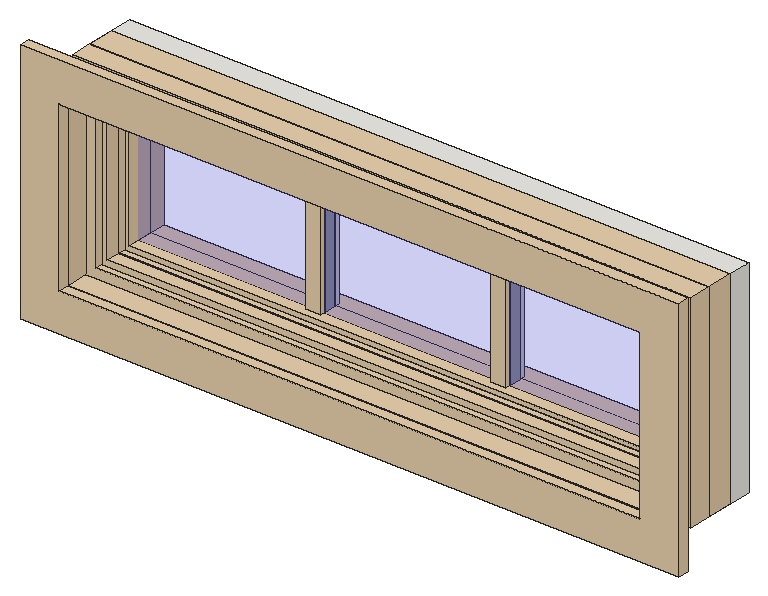
Revit family "1 Window-Transom_Fixed-Andersen-400_Series_Single", category Windows, host Wall, Revit 2014
Parameters
  XPanelWidth = Width - 0' 1 1/8"  # 2' - 10 7/8"
  XPanelHeight = Height - 0' 1 1/8"  # 0' - 10 7/8"
  Visual Light Transmittance = 0.48  # constant formula
  Thermal Resistance (R) = 0.62871  # 3.5700 (h·ft²·°F)/BTU
  TFL = if(Fractional Lights High > 5, 3, if(or(Fractional Lights High = 4, Fractional Lights High = 5), 2, if(or(Fractional Lights High = 2, Fractional Lights High = 3), 1, 1)))  # 2
  TFB = TFL - 1  # 1
  Solar Heat Gain Coefficient = 0.21  # constant formula
  Learn About These Parameters = "http://www.andersenwindows.com/for-professionals/cad-symbols-bim-support-window-doors/bim-support"
  LWide = if(Enter Pattern Number = 3, 3, if(Enter Pattern Number = 1, . . Lights Wide, Fractional Lights Wide))  # 3
  Heat Transfer Coefficient (U) = 1.5899  # 0.2800 BTU/(h·ft²·°F)
  Glazing Material = Glass ‐ Andersen - Low-E4 SmartSun
  Fractional Lights Wide = 3
  Fractional Lights High = 5
  Exterior Unit Finish = Vinyl - Andersen - White
  Enter Jamb Condition = 1
  ..Jamb Condition Number 1 = "Extension Jamb Only"  # constant formula
  ..Jamb Condition Number 2 = "Narrow Drywall Return"  # constant formula
  ..Jamb Condition Number 3 = "Wide Drywall Return"  # constant formula
  Available Grille Bar Sizes = "3/4'', 7/8'', 1 1/8'', 2 1/4''"  # constant formula
  Between Glass Grille Bar Sizes = "3/4'', 1''"  # constant formula
  Interior Casing = yes
  Grille Bar Size = 0' - 0 7/8"
  Enter Pattern Number = 1
  ..Pattern Number 1 = "Colonial"  # constant formula
  . . Lights Wide = 3
  . . Lights High = 1
  ..Pattern Number 2 = "Modified Colonial"  # constant formula
  ..Pattern Number 3 = "Prairie"  # constant formula
  ..Pattern Number 4 = "Short Fractional"  # constant formula
  ..Pattern Number 5 = "Tall Fractional"  # constant formula
  Extension Jamb = yes
  Enter Exterior Trim Number = 0
  ..Exterior Trim Number 0 = "No Exterior Trim"  # constant formula
  ..Exterior Trim Number 1 = "Brick Mould"  # constant formula
  ..Exterior Trim Number 2 = "3 1/2'' Flat Casing"  # constant formula
  ..Exterior Trim Number 3 = "4 1/2'' Flat Casing"  # constant formula
  Interior Grille Bar = yes
  Exterior Grille Bar = yes
  Between Glass Grille Bar = yes
  xjamb Visibility [instance] = and(and(Enter Jamb Condition = 1, Wall Depth > 0' 2 7/8"), Extension Jamb)  # yes
  xjamb S1 [instance] = if(Wall Depth > 0' 3", Wall Depth - 0' 2 27/32", 0' 3")  # 0' - 1 23/32"
  sill nose1 = 0' - 1 13/16"  # constant formula
  sill nose 2 = 0' - 1 15/16"  # constant formula
  casingS2 = if(Enter Exterior Trim Number = 1, 0' 0 3/16", 0' 0 3/16")  # 0' - 0 3/16"
  casingS1 = if(Enter Exterior Trim Number = 1, 0' 0 7/16", 0' 0 3/16")  # 0' - 0 3/16"
  casing4 = if(Enter Exterior Trim Number = 1, 0' 1 3/4", if(Enter Exterior Trim Number = 2, 0' 3 1/4", 0' 4 1/4"))  # 0' - 4 1/4"
  casing3 = 0' - 0 1/2"  # constant formula
  casing2 = 0' - 0 7/8"  # constant formula
  casing1 = 0' - 0 1/4"  # constant formula
  Xjamb 2 = if(or(Enter Jamb Condition = 2, Enter Jamb Condition = 3), 0' 0 1/32", 0' 0 1/2")  # 0' - 0 1/2"
  Xjamb 1 = if(or(Enter Jamb Condition = 2, Enter Jamb Condition = 3), 0' 0 5/8", 0' 1 3/32")  # 0' - 1 3/32"
  Wall Thickness [instance] = 0' - 6"
  Wall Depth [instance] = 0' - 4 9/16"
  Void Offset 2 = if(Enter Exterior Trim Number > 0, 0' 1 15/16", 0' 0")  # 0' - 0"
  Void Offset 1 = if(Enter Exterior Trim Number > 0, casing4, 0' 0")  # 0' - 0"
  Void Depth [instance] = if(Wall Thickness > Wall Depth, 0' 1" + Wall Thickness - Wall Depth, 0' 1")  # 0' - 2 7/16"
  VeriLock Sensor [instance] = no
  VGB DLO = if(Enter Pattern Number = 3, 0' 4", (H DLO - (Grille Bar Size * (V Bars))) / if(LWide > 2, LWide, 3))  # 0' - 9.91667"
  V Bars = if(Enter Pattern Number = 3, 2, if(LWide > 2, LWide - 1, 2))  # 2
  URL = "www.andersenwindows.com"
  Type Comments = "Vinyl-clad wood casement/awning transom window"
  TS V DLO = Height - HGO - SGO  # 0' - 7 1/2"
  TS V Bar Length = if(or(Enter Pattern Number = 5, Enter Pattern Number = 2), ((((Height - HGO - SGO - (Grille Bar Size * (Fractional Lights High - 1))) / Fractional Lights High)) * TFL) + (TFB * Grille Bar Size), if(Enter Pattern Number = 4, ((Height - HGO - SGO - (Grille Bar Size * (Fractional Lights High - 1))) / Fractional Lights High), Height - HGO - SGO))  # 0' - 7 1/2"
  TS SH DLO = if(or(Enter Pattern Number = 5, Enter Pattern Number = 2), ((((Height - HGO - SGO - (Grille Bar Size * (Fractional Lights High - 1))) / Fractional Lights High)) * TFL) + (TFB * Grille Bar Size) + HGO + (Grille Bar Size / 2), if(Enter Pattern Number = 4, TS V Bar Length + HGO + (Grille Bar Size / 2), (TS V DLO / 2) + HGO))  # 0' - 6"
  TS S V = or(and(LWide = 2, Enter Pattern Number = 1), and(Fractional Lights Wide = 2, or(or(Enter Pattern Number = 2, Enter Pattern Number = 4), Enter Pattern Number = 5)))  # no
  TS S H Craftsman = and(Enter Pattern Number = 2, or(Fractional Lights High = 4, Fractional Lights High = 5))  # no
  TS S H = or(or(or(and(. . Lights High = 2, Enter Pattern Number = 1), and(Enter Pattern Number = 4, Fractional Lights High > 1)), and(Enter Pattern Number = 5, Fractional Lights High > 1)), and(Enter Pattern Number = 2, Fractional Lights High > 1))  # no
  TS M V = LWide > 2  # yes
  TS M H = or(or(Enter Pattern Number = 3, and(. . Lights High > 2, Enter Pattern Number = 1)), and(Enter Pattern Number = 2, Fractional Lights High > 5))  # no
  TS HGB DLO = if(Enter Pattern Number = 1, if(. . Lights High > 2, ((TS V Bar Length - (Grille Bar Size * (. . Lights High - 1))) / . . Lights High), 0' 4"), if(Enter Pattern Number = 3, 0' 4", if(Fractional Lights High > 2, ((TS V Bar Length - (Grille Bar Size * 2)) / 3), 0' 4")))  # 0' - 4"
  TS H Bars = if(Enter Pattern Number = 3, 2, if(Enter Pattern Number = 1, if(. . Lights High > 2, . . Lights High - 1, 2), 2))  # 2
  Step Visibility = or(Enter Jamb Condition = 2, Enter Jamb Condition = 3)  # no
  Step Jamb2 = if(Enter Jamb Condition = 2, 0' 0 1/4", 0' 0 13/16")  # 0' - 0 13/16"
  Step Jamb1 = 0' - 1 1/8"  # constant formula
  Sill Stop Dim [instance] = 0' - 2 1/2"
  SGO = 0' - 2 1/4"  # constant formula
  Rough Width = Width + (Rough Opening Offset * 2)  # 3' - 0 1/2"
  Rough Opening Offset = 0' - 0 1/4"
  Rough Height = Height + (Rough Opening Offset * 2)  # 1' - 0 1/2"
  Push Out Stop Visibility [instance] = no
  Product Documentation Link = "https://www.andersenwindows.com/windows-and-doors/series/400-series/"
  Plan Exterior Mask Visibility [instance] = Plan Exterior Mask 2 > 0' 0 1/32"  # yes
  Plan Exterior Mask 2 [instance] = if(Enter Exterior Trim Number > 0, if(Wall Depth + 0' 1 1/16" + casingS1 > Wall Thickness, 0' 0 1/32", Wall Thickness - Wall Depth - 0' 1 1/16" - casingS1), if(Wall Depth + 0' 1 1/16" > Wall Thickness, 0' 0 1/32", Wall Thickness - Wall Depth - 0' 0 1/16"))  # 0' - 1 3/8"
  Plan Exterior Mask [instance] = if(Enter Exterior Trim Number > 0, 0' 1 1/16" + casingS1, 0' 1 1/16")  # 0' - 1 1/16"
  Nail Fin Visibility = Enter Exterior Trim Number = 0  # yes
  Model = "400-Series Casement/Awning Transom"  # constant formula
  Masonry Width = if(Enter Exterior Trim Number > 0, Width + ((casing4 + Masonry Opening Offset) * 2), Width + (Masonry Opening Offset * 2))  # 3' - 0 1/2"
  Masonry Opening Offset = 0' - 0 1/4"
  Masonry Height = if(Enter Exterior Trim Number > 0, Height + (casing4 + Masonry Opening Offset) + (sill nose 2 + Masonry Opening Offset), Height + (Masonry Opening Offset * 2))  # 1' - 0 1/2"
  Manufacturer = "Andersen Corporation"  # constant formula
  JGO = 0' - 2 1/4"  # constant formula
  Interior Trim Visibility = and(Enter Jamb Condition = 1, Interior Casing)  # yes
  Interior Material = Wood - Andersen - Pine
  Interior Casing Size = 0' - 2 1/4"
  Horizontal Craftsman Bar Size = 0' - 0 7/8"
  Height = 1' - 0"
  Head Stop Dim [instance] = 0' - 2 17/64"
  HGO = 0' - 2 1/4"  # constant formula
  H DLO = Width - (JGO * 2)  # 2' - 7 1/2"
  Family Version = "01.01.19"  # constant formula
  Exterior Trim Finish = Fibrex Composite - Andersen - White
  Designation = "P"
  Description = "Vinyl-clad wood casement/awning transom"  # constant formula
  Default Sill Height = 6' 10 1/2" - Rough Height  # 5' - 10"
  Wall Closure = By host
  Width = 3' - 0"
  Crank Out Stop Visibility [instance] = yes
  Coarse Plan [instance] = if(Wall Depth < Wall Thickness, Wall Depth, Wall Thickness)  # 0' - 4 9/16"
  Casing Visibility = Enter Exterior Trim Number > 0  # no
  Between Glass Grille Bar Finish = Stainless Steel - Andersen - Standard
  Bar Center Line = if(Enter Pattern Number = 3, 1, 2)  # 2
  Assembly Code = "B2020100"
Reference planes (in)
  plane 1 "Center (Front/Back)": y = 0
  plane 2: z = 0
  plane 3 "Center (Left/Right)": x = 0
  plane 4 "R Frame": x = -18
  plane 5 "L Frame": x = 18
  plane 6 "B Frame": z = 70.25
  plane 7 "T Frame": z = 82.25
  plane 8 "L Glazing": x = 15.75
  plane 9 "L Ext Frame": x = 17.4375
  plane 10 "L Stop": x = 16
  plane 11 "L Xjamb 1": x = 16.90625
  plane 12 "L Casing 1": x = 17.75
  plane 13 "L Xjamb 2": x = 17.5
  plane 14 "L Rough Opening": x = 18.25
  plane 15 "L Casing 2": x = 21.375
  plane 16 "L Casing 3": x = 21.75
  plane 17 "L Casing 4": x = 22.25
  plane 18 "R Glazing": x = -15.75
  plane 19 "R Ext Frame": x = -17.4375
  plane 20 "R Stop": x = -16
  plane 21 "R Xjamb 1": x = -16.90625
  plane 22 "R Casing 1": x = -17.75
  plane 23 "R Xjamb 2": x = -17.5
  plane 24 "R Rough Opening": x = -18.25
  plane 25 "R Casing 2": x = -21.375
  plane 26 "R Casing 3": x = -21.75
  plane 27 "R Casing 4": x = -22.25
  plane 28 "R Int Casing": x = -19.15625
  plane 29 "T Ext Frame": z = 81.68689
  plane 30 "T Xjamb 1": z = 81.125
  plane 31 "T Casing 1": z = 82
  plane 32 "T Xjamb 2": z = 81.75
  plane 33 "T Rough Opening": z = 82.5
  plane 34 "T Casing 2": z = 85.625
  plane 35 "T Casing 3": z = 86
  plane 36 "T Casing 4": z = 86.5
  plane 37 "T Int Casing": z = 83.375
  plane 38 "B Ext Frame": z = 70.81311
  plane 39 "B Xjamb 2": z = 70.75
  plane 40 "B Casing 1": z = 70.5
  plane 41 "B Casing 2": z = 68.3125
  plane 42 "B Int Casing": z = 69.125
  plane 43 "L Int Casing": x = 19.15625
  plane 44 "Casing S1": y = 3.062
  plane 45 "Casing S2": y = 3.062
  plane 46 "Frame S1": y = 2.8745
  plane 47 "Flange": y = 1.5625
  plane 48 "Sash1 S2": y = 0
  plane 49 "Frame S2": y = -1.2855
  plane 50 "B Xjamb 1": z = 71.375
  plane 51 "Exterior Offset": y = 4
  plane 52 "Interior Casing": y = -3.625
  plane 53 "B Rough Opening": z = 70
  plane 54 "R Masonry Opening": x = -22.5
  plane 55 "L Masonry Opening": x = 22.5
  plane 56 "T Masonry Opening": z = 86.75
  plane 57 "B Masonry Opening": z = 68.0625
  plane 58 "Xjamb S1": y = -1.28125
  plane 59 "Sash1 S1": y = 2.5625
  plane 60 "Stop S1": y = -1.6875
  plane 61 "T Int Frame": z = 81.125
  plane 62 "B Int Frame": z = 71.375
  plane 63 "L Int Frame": x = 16.891
  plane 64 "R Int Frame": x = -16.891
  plane 65 "T Stop": z = 80.25
  plane 66 "B Stop": z = 72.25
Forms (in)
  Extrusion 1, void
    sketch origin (0, 0, 0) x (1, 0, 0) y (0, 0, 1)
      loop
        line (18, 82.25) -> (-18, 82.25) -> (-18, 70.25) -> (18, 70.25) -> (18, 82.25)
    from -1.5625 to 3
  Extrusion 2, void
    sketch origin (0, 0, 0) x (1, 0, 0) y (0, 0, 1)
      loop
        line (18, 82.25) -> (-18, 82.25) -> (-18, 70.25) -> (18, 70.25) -> (18, 82.25)
    from -15 to -1.5625
  Extrusion 3, solid, material "Wood - Andersen - Pine" <- "Interior Material", visible <- "xjamb Visibility", detail levels medium+fine
    sketch origin (0, -2.5625, 0) x (-1, 0, 0) y (0, 0, 1)
      loop
        line (17.5, 81.75) -> (-17.5, 81.75) -> (-17.5, 70.75) -> (17.5, 70.75) -> (17.5, 81.75)
      loop
        line (16.90625, 81.125) -> (-16.90625, 81.125) -> (-16.90625, 71.375) -> (16.90625, 71.375) -> (16.90625, 81.125)
    from 1.28125 to -0.4375
  Extrusion 4, solid, material "Wood - Andersen - Pine" <- "Interior Material", visible <- "Interior Trim Visibility", detail levels fine
    sketch origin (0, -3.625, 0) x (-1, 0, 0) y (0, 0, 1)
      loop
        line (19.15625, 83.375) -> (-19.15625, 83.375) -> (-19.15625, 69.125) -> (19.15625, 69.125) -> (19.15625, 83.375)
      loop
        line (16.90625, 81.125) -> (-16.90625, 81.125) -> (-16.90625, 71.375) -> (16.90625, 71.375) -> (16.90625, 81.125)
    from 0 to 0.625
  Extrusion 5, solid, material "Fibrex Composite - Andersen - White" <- "Exterior Trim Finish", visible <- "Casing Visibility", detail levels medium+fine
    sketch origin (0, 0, 0) x (0, 1, 0) y (0, 0, 1)
      loop
        line (2.31163, 70.25) -> (1.5625, 70.25) -> (1.5625, 68.3125) -> (3.375, 68.3125) -> (3.375, 70.0625) -> (2.31163, 70.25)
    from -22.25 to 22.25
  Sweep 6, solid, material "Fibrex Composite - Andersen - White" <- "Exterior Trim Finish", visible <- "Casing Visibility", detail levels medium+fine
    path origin (0, 1.5625, 0) x (-1, 0, 0) y (0, 0, 1)
      loop
        line (-22.25, 68.3125) -> (-22.25, 86.5) -> (22.25, 86.5) -> (22.25, 68.3125)
    profile origin (22.25, 1.5625, 77.40625) x (1, 0, 0) y (0, 1, 0)
      loop
        line (-0.875, 1.4995) -> (-4.5, 1.4995) -> (-4.5, 0) -> (0, 0) -> (0, 1.4995) -> (-0.5, 1.4995) -> (-0.875, 1.4995)
  Extrusion 7, solid, material "Fibrex Composite - Andersen - White" <- "Exterior Trim Finish", visible <- "Casing Visibility", detail levels coarse
    sketch origin (0, 1.5625, 0) x (-1, 0, 0) y (0, 0, 1)
      loop
        line (-22.25, 86.5) -> (-22.25, 68.3125) -> (22.25, 68.3125) -> (22.25, 86.5) -> (-22.25, 86.5)
      loop
        line (-17.75, 82) -> (-17.75, 70.25) -> (17.75, 70.25) -> (17.75, 82) -> (-17.75, 82)
    from 0 to 1.4995
  Extrusion 8, solid, material "Wood - Andersen - Pine" <- "Interior Material", detail levels medium+fine
    sketch origin (0, 0, 0) x (-1, 0, 0) y (0, 0, 1)
      loop
        line (17.42, 81.5) -> (-17.42, 81.5) -> (-17.42, 70.99975) -> (17.42, 70.99975) -> (17.42, 81.5)
      loop
        line (15.75, 80) -> (-15.75, 80) -> (-15.75, 72.5) -> (15.75, 72.5) -> (15.75, 80)
    from 0 to 1.5625
  Extrusion 9, solid, material "Vinyl - Andersen - White" <- "Exterior Unit Finish", detail levels medium+fine
    sketch origin (0, 0, 0) x (1, 0, 0) y (0, 0, 1)
      loop
        line (18, 82.25) -> (-18, 82.25) -> (-18, 70.25) -> (18, 70.25) -> (18, 82.25)
      loop
        line (17.4375, 81.68689) -> (-17.4375, 81.68689) -> (-17.4375, 70.81311) -> (17.4375, 70.81311) -> (17.4375, 81.68689)
    from -2.8745 to 0
  Extrusion 10, solid, material "Wood - Andersen - Pine" <- "Interior Material", detail levels medium+fine
    sketch origin (0, 0, 0) x (1, 0, 0) y (0, 0, 1)
      loop
        line (18, 82.25) -> (-18, 82.25) -> (-18, 70.25) -> (18, 70.25) -> (18, 82.25)
      loop
        line (16.891, 81.125) -> (-16.891, 81.125) -> (-16.891, 71.375) -> (16.891, 71.375) -> (16.891, 81.125)
    from 0 to 1.2855
  Extrusion 11, solid, material "Wood - Andersen - Pine" <- "Interior Material"
    sketch origin (0, 0, 0) x (1, 0, 0) y (0, 1, 0)
      loop
        line (-16.891, -1.6875) -> (-16.3125, -1.6875) -> (-16.3125, -0.4375) -> (-16, -0.4375) -> (-16, 0) -> (-16.891, 0) -> (-16.891, -1.6875)
      loop
        line (16.891, -1.6875) -> (16.891, 0) -> (16, 0) -> (16, -0.4375) -> (16.3125, -0.4375) -> (16.3125, -1.6875) -> (16.891, -1.6875)
    from 71.375 to 81.125
  Sweep 12, solid, material "Wood - Andersen - Pine" <- "Interior Material", visible <- "Step Visibility"
    path origin (0, 1.5625, 0) x (-1, 0, 0) y (0, 0, 1)
      loop
        line (18, 70.25) -> (18, 82.25) -> (-18, 82.25) -> (-18, 70.25) -> (18, 70.25)
    profile origin (-18, 1.5625, 76.25) x (1, 0, 0) y (0, 1, 0)
      loop
        line (0, -2.848) -> (0, -3.6605) -> (1.09375, -3.6605) -> (1.09375, -2.848) -> (0, -2.848)
  Extrusion 13, solid, material "Wood - Andersen - Pine" <- "Interior Material"
    sketch origin (0, 0, 0) x (0, 1, 0) y (0, 0, 1)
      loop
        line (-1.6875, 81.125) -> (-1.6875, 80.5625) -> (-0.4375, 80.5625) -> (-0.4375, 80.25) -> (0, 80.25) -> (0, 81.125) -> (-1.6875, 81.125)
      loop
        line (-0.4375, 72.25) -> (-0.4375, 71.9375) -> (-1.6875, 71.9375) -> (-1.6875, 71.375) -> (0, 71.375) -> (0, 72.25) -> (-0.4375, 72.25)
    from -16.891 to 16.891
  Sweep 14, solid, material "Wood - Andersen - Pine" <- "Interior Material"
    path origin (0, 1.5625, 0) x (-1, 0, 0) y (0, 0, 1)
      loop
        line (-18, 82.25) -> (-18, 70.25) -> (18, 70.25) -> (18, 82.25) -> (-18, 82.25)
    profile origin (18, 1.5625, 76.25) x (0, 1, 0) y (-1, 0, 0)
      loop
        line (0, 2.25) -> (-1.5625, 2.25) -> (-1.5625, 2) -> (-2.848, 2) -> (-2.848, 0) -> (0, 0) -> (0, 2.25)
Cuts and joins
  joined: Extrusion 5, Sweep 6
  joined: Extrusion 11, Extrusion 13
Lines and regions (in)
  Masking region 1, detail levels medium+fine
    outline origin (0, 0, 70.81311) x (0, -1, 0) y (1, 0, 0)
      loop
        line (-2.8745, -18) -> (1.2855, -18) -> (1.2855, -16.891) -> (1.6875, -16.891) -> (1.6875, 16.891) -> (1.2855, 16.891) -> (1.2855, 18) -> (-2.8745, 18) -> (-2.8745, -18)
  Masking region 2, visible <- "Casing Visibility", detail levels medium+fine
    outline origin (0, 0, 70.25) x (0, -1, 0) y (1, 0, 0)
      loop
        line (-2.8745, -18) -> (-2.8745, 18) -> (-1.5625, 18) -> (-1.5625, 22.25) -> (-3.062, 22.25) -> (-3.062, -22.25) -> (-1.5625, -22.25) -> (-1.5625, -18) -> (-2.8745, -18)
  Masking region 3, visible <- "Nail Fin Visibility", detail levels coarse
    outline origin (0, 0, 70.25) x (0, -1, 0) y (1, 0, 0)
      loop
        line (-4, -18) -> (3, -18) -> (3, 18) -> (-4, 18) -> (-4, -18)
  Masking region 4
    outline origin (0, 0, 0) x (0, 1, 0) y (0, 0, 1)
      loop
        line (2.8745, 82.25) -> (-1.2855, 82.25) -> (-1.2855, 81.125) -> (-1.6875, 81.125) -> (-1.6875, 71.375) -> (-1.2855, 71.375) -> (-1.2855, 70.25) -> (2.8745, 70.25) -> (2.8745, 82.25)
  Masking region 5, visible <- "Casing Visibility"
    outline origin (0, 0, 0) x (0, 1, 0) y (0, 0, 1)
      loop
        line (2.8745, 70.15075) -> (2.8745, 70.25) -> (1.5625, 70.25) -> (1.5625, 68.3125) -> (3.375, 68.3125) -> (3.375, 70.0625) -> (2.8745, 70.15075)
  Masking region 6, visible <- "Casing Visibility"
    outline origin (0, 0, 0) x (0, 1, 0) y (0, 0, 1)
      loop
        line (2.8745, 82.25) -> (2.8745, 70.15075) -> (3.062, 70.11769) -> (3.062, 86.5) -> (1.5625, 86.5) -> (1.5625, 82.25) -> (2.8745, 82.25)
  Masking region 7, visible <- "Casing Visibility", detail levels coarse
    outline origin (0, 0, 70.25) x (0, -1, 0) y (1, 0, 0)
      loop
        line (-4, -22.25) -> (-1.5625, -22.25) -> (-1.5625, -18) -> (3, -18) -> (3, 18) -> (-1.5625, 18) -> (-1.5625, 22.25) -> (-4, 22.25) -> (-4, -22.25)
  Masking region 8, visible <- "Step Visibility", detail levels medium+fine
    outline origin (0, 0, 0) x (0, 1, 0) y (0, 0, 1)
      loop
        line (-1.28125, 82.25) -> (-2.098, 82.25) -> (-2.098, 70.25) -> (-1.28125, 70.25) -> (-1.28125, 71.375) -> (-1.6875, 71.375) -> (-1.6875, 81.125) -> (-1.28125, 81.125) -> (-1.28125, 82.25)
  Masking region 9, visible <- "xjamb Visibility", detail levels medium+fine
    outline origin (0, 0, 0) x (0, 1, 0) y (0, 0, 1)
      loop
        line (-1.28125, 81.75) -> (-3, 81.75) -> (-3, 70.75) -> (-1.28125, 70.75) -> (-1.28125, 71.375) -> (-1.6875, 71.375) -> (-1.6875, 81.125) -> (-1.28125, 81.125) -> (-1.28125, 81.75)
  Masking region 10, visible <- "Interior Trim Visibility", detail levels fine
    outline origin (0, 0, 0) x (0, 1, 0) y (0, 0, 1)
      loop
        line (-3, 83.375) -> (-3.625, 83.375) -> (-3.625, 69.125) -> (-3, 69.125) -> (-3, 83.375)
  Masking region 11, visible <- "Step Visibility", detail levels medium+fine
    outline origin (0, 0, 70.25) x (0, -1, 0) y (1, 0, 0)
      loop
        line (1.28125, -18) -> (2.098, -18) -> (2.098, 18) -> (1.28125, 18) -> (1.28125, 16.891) -> (1.6875, 16.891) -> (1.6875, -16.891) -> (1.28125, -16.891) -> (1.28125, -18)
  Masking region 12, visible <- "xjamb Visibility", detail levels medium+fine
    outline origin (0, 0, 70.25) x (0, -1, 0) y (1, 0, 0)
      loop
        line (1.28125, -17.5) -> (3, -17.5) -> (3, 17.5) -> (1.28125, 17.5) -> (1.28125, 16.891) -> (1.6875, 16.891) -> (1.6875, -16.891) -> (1.28125, -16.891) -> (1.28125, -17.5)
  Masking region 13, visible <- "Interior Trim Visibility", detail levels fine
    outline origin (0, 0, 70.25) x (0, -1, 0) y (1, 0, 0)
      loop
        line (3, -19.15625) -> (3.625, -19.15625) -> (3.625, 19.15625) -> (3, 19.15625) -> (3, -19.15625)
  symbolic lines, style "WindowsFrameMullionProjection", visible <- "Casing Visibility", detail levels fine
    curve 1: line (21.75, 3.062, 70.25) -> (21.375, 3.062, 70.25)
    curve 2: line (21.375, 3.062, 70.25) -> (17.75, 3.062, 70.25)
    curve 3: line (-21.75, 3.062, 70.25) -> (-21.375, 3.062, 70.25)
    curve 4: line (-21.375, 3.062, 70.25) -> (-17.75, 3.062, 70.25)
    curve 5: line (-17.75, 3.062, 70.25) -> (-17.75, 2.8745, 70.25)
    curve 164: line (17.75, 3.062, 70.25) -> (17.75, 2.8745, 70.25)
  symbolic lines, style "WindowsFrameMullionProjection", detail levels medium
    curve 6: line (-15.75, 2.5625, 70.25) -> (-15.75, -1.6875, 70.25)
    curve 7: line (15.75, 2.5625, 70.25) -> (15.75, -1.6875, 70.25)
    curve 165: line (-17.4375, 2.8745, 70.25) -> (-17.4375, 2.5625, 70.25)
    curve 166: line (-15.75, 2.5625, 70.25) -> (-17.4375, 2.5625, 70.25)
    curve 167: line (17.4375, 2.8745, 70.25) -> (17.4375, 2.5625, 70.25)
    curve 168: line (17.4375, 2.5625, 70.25) -> (15.75, 2.5625, 70.25)
  symbolic lines, style "WindowsFrameMullionProjection", detail levels coarse
    curve 8: line (-15.75, -3, 70.25) -> (-15.75, 4, 70.25)
    curve 9: line (15.75, -3, 70.25) -> (15.75, 4, 70.25)
  symbolic lines, style "WindowsGlassProjection", detail levels coarse
    curve 10: line (-15.75, 0, 70.25) -> (15.75, 0, 70.25)
    curve 11: line (-15.75, 1, 70.25) -> (15.75, 1, 70.25)
  symbolic lines, style "WindowsFrameMullionProjection", visible <- "Casing Visibility"
    curve 12: line (0, 3.062, 86) -> (0, 3.062, 85.625)
    curve 13: line (0, 3.062, 85.625) -> (0, 3.062, 82)
    curve 14: line (0, 3.062, 82) -> (0, 2.8745, 82)
    curve 108: line (-22.25, 3.062, 70.25) -> (-22.25, 1.5625, 70.25)
    curve 110: line (22.25, 3.062, 70.25) -> (22.25, 1.5625, 70.25)
    curve 112: line (0, 3.062, 86.5) -> (0, 1.5625, 86.5)
    curve 114: line (0, 3.062, 68.3125) -> (0, 1.5625, 68.3125)
  symbolic lines, style "WindowsFrameMullionProjection", visible <- "Casing Visibility", detail levels medium
    curve 15: line (-18, 2.8745, 70.25) -> (-18, 3.062, 70.25)
    curve 16: line (18, 3.062, 70.25) -> (18, 2.8745, 70.25)
  symbolic lines, style "WindowsFrameMullionProjection", visible <- "Nail Fin Visibility", detail levels medium+fine
    curve 17: line (-18, 1.5625, 0) -> (-19.5, 1.5625, 0)
    curve 39: line (18, 1.5625, 0) -> (19.5, 1.5625, 0)
  symbolic lines, style "WindowsFrameMullionProjection", detail levels fine
    curve 18: line (-16, 0, 0) -> (-16, -0.4375, 0)
    curve 19: line (-17.3575, 2.4375, 0) -> (-17.3575, 2.5625, 0)
    curve 20: line (-17.3575, 2.5625, 0) -> (-16.30567, 2.5625, 0)
    curve 23: line (-15.81277, 0, 0) -> (-15.75, 0.6875, 0)
    curve 31: line (-15.81277, 2.1875, 0) -> (-15.75, 1.5625, 0)
    curve 35: line (-15.875, 0.8125, 0) -> (-15.875, 1.4375, 0)
    curve 40: line (16, 0, 0) -> (16, -0.4375, 0)
    curve 41: line (17.3575, 2.4375, 0) -> (17.3575, 2.5625, 0)
    curve 42: line (17.3575, 2.5625, 0) -> (16.30567, 2.5625, 0)
    curve 45: line (15.81277, 0, 0) -> (15.75, 0.6875, 0)
    curve 46: line (15.81277, 2.1875, 0) -> (15.75, 1.5625, 0)
    curve 49: line (15.875, 0.8125, 0) -> (15.875, 1.4375, 0)
    curve 61: line (0, 1.4375, 80.125) -> (0, 0.8125, 80.125)
    curve 66: line (-16, -0.4375, 0) -> (-16.3125, -0.4375, 0)
    curve 67: line (-16.3125, -0.4375, 0) -> (-16.3125, -1.6875, 0)
    curve 70: line (16, -0.4375, 0) -> (16.3125, -0.4375, 0)
    curve 71: line (16.3125, -0.4375, 0) -> (16.3125, -1.6875, 0)
    curve 85: line (-17.3575, 2.4375, 0) -> (-17.4375, 2.4375, 0)
    curve 86: line (-16.25253, 2.1875, 0) -> (-15.81277, 2.1875, 0)
    curve 87: line (-16.625, 0, 0) -> (-15.81277, 0, 0)
    curve 88: line (-16.625, -1.09375, 0) -> (-16.891, -1.09375, 0)
    curve 93: line (17.3575, 2.4375, 0) -> (17.4375, 2.4375, 0)
    curve 94: line (16.25253, 2.1875, 0) -> (15.81277, 2.1875, 0)
    curve 95: line (16.625, 0, 0) -> (15.81277, 0, 0)
    curve 96: line (16.625, -1.09375, 0) -> (16.891, -1.09375, 0)
    curve 97: line (-17.4375, 2.4375, 0) -> (-17.4375, 2.8745, 0)
    curve 99: line (17.4375, 2.4375, 0) -> (17.4375, 2.8745, 0)
    curve 100: line (-16.30567, 2.5625, 0) -> (-16.25253, 2.1875, 0)
    curve 102: line (16.30567, 2.5625, 0) -> (16.25253, 2.1875, 0)
    curve 137: line (-16.625, 1.5625, 0) -> (-16.625, -1.09375, 0)
    curve 139: line (16.625, 1.5625, 0) -> (16.625, -1.09375, 0)
    curve 140: line (-16.891, -1.09375, 0) -> (-16.891, -1.2855, 0)
    curve 142: line (16.891, -1.09375, 0) -> (16.891, -1.2855, 0)
    curve 154: line (0, 1.4375, 72.375) -> (0, 0.8125, 72.375)
  symbolic lines, style "WindowsGlassProjection", detail levels fine
    curve 21: line (-15.75, 1.5625, 0) -> (-16.625, 1.5625, 0)
    curve 22: line (-15.75, 0.6875, 0) -> (-16.625, 0.6875, 0)
    curve 33: line (-15.75, 1.4375, 0) -> (-16.625, 1.4375, 0)
    curve 34: line (-15.75, 0.8125, 0) -> (-16.625, 0.8125, 0)
    curve 43: line (15.75, 1.5625, 0) -> (16.625, 1.5625, 0)
    curve 44: line (15.75, 0.6875, 0) -> (16.625, 0.6875, 0)
    curve 47: line (15.75, 1.4375, 0) -> (16.625, 1.4375, 0)
    curve 48: line (15.75, 0.8125, 0) -> (16.625, 0.8125, 0)
    curve 59: line (0, 1.4375, 80.89) -> (0, 1.4375, 80)
    curve 60: line (0, 0.8125, 80.89) -> (0, 0.8125, 80)
    curve 152: line (0, 1.4375, 71.61) -> (0, 1.4375, 72.5)
    curve 153: line (0, 0.8125, 71.61) -> (0, 0.8125, 72.5)
  symbolic lines, style "WindowsFrameMullionProjection", visible <- "Nail Fin Visibility", not visible, detail levels medium+fine
    curve 24: line (-35.18862, 120.69666, 0) -> (-36.68862, 120.69666, 0)
  symbolic lines, style "WindowsFrameMullionProjection", not visible, detail levels fine
    curve 25: line (-33.18862, 119.13416, 0) -> (-33.18862, 118.69666, 0)
    curve 26: line (-34.54612, 121.57166, 0) -> (-34.54612, 121.69666, 0)
    curve 27: line (-34.54612, 121.69666, 0) -> (-33.49429, 121.69666, 0)
    curve 30: line (-33.00138, 119.13416, 0) -> (-32.93862, 119.82166, 0)
    curve 32: line (-33.00138, 121.32166, 0) -> (-32.93862, 120.69666, 0)
    curve 38: line (-33.06362, 119.94666, 0) -> (-33.06362, 120.57166, 0)
    curve 68: line (-33.18862, 118.69666, 0) -> (-33.50112, 118.69666, 0)
    curve 69: line (-33.50112, 118.69666, 0) -> (-33.50112, 117.44666, 0)
    curve 89: line (-34.54612, 121.57166, 0) -> (-34.62612, 121.57166, 0)
    curve 90: line (-33.44115, 121.32166, 0) -> (-33.00138, 121.32166, 0)
    curve 91: line (-33.81362, 119.13416, 0) -> (-33.00138, 119.13416, 0)
    curve 92: line (-33.81362, 118.04041, 0) -> (-34.07962, 118.04041, 0)
    curve 98: line (-34.62612, 121.57166, 0) -> (-34.62612, 122.00866, 0)
    curve 101: line (-33.49429, 121.69666, 0) -> (-33.44115, 121.32166, 0)
    curve 127: line (0, 1.4375, 80.125) -> (0, 0.8125, 80.125)
    curve 138: line (-33.81362, 120.69666, 0) -> (-33.81362, 118.04041, 0)
    curve 141: line (-34.07962, 118.04041, 0) -> (-34.07962, 117.84866, 0)
  symbolic lines, style "WindowsGlassProjection", not visible, detail levels fine
    curve 28: line (-32.93862, 120.69666, 0) -> (-33.81362, 120.69666, 0)
    curve 29: line (-32.93862, 119.82166, 0) -> (-33.81362, 119.82166, 0)
    curve 36: line (-32.93862, 120.57166, 0) -> (-33.81362, 120.57166, 0)
    curve 37: line (-32.93862, 119.94666, 0) -> (-33.81362, 119.94666, 0)
    curve 125: line (0, 1.4375, 80.89) -> (0, 1.4375, 80)
    curve 126: line (0, 0.8125, 80.89) -> (0, 0.8125, 80)
  symbolic lines, style "WindowsFrameMullionProjection"
    curve 50: line (0, 2.4375, 81.6875) -> (0, 2.8745, 81.6875)
    curve 51: line (0, -1.2855, 81.125) -> (0, -1.0925, 81.125)
    curve 52: line (0, 0, 80.25) -> (0, -0.4375, 80.25)
    curve 53: line (0, 0, 80.89) -> (0, 0, 80.11677)
    curve 55: line (0, 2.5625, 80.625) -> (0, 2.5625, 81.625)
    curve 56: line (0, 2.5625, 81.625) -> (0, 2.4375, 81.625)
    curve 57: line (0, 2.4375, 81.6875) -> (0, 2.4375, 81.625)
    curve 58: line (0, 0.6875, 80) -> (0, 0, 80.11677)
    curve 62: line (0, 2.1875, 80.55427) -> (0, 2.1875, 80.11677)
    curve 63: line (0, 2.1875, 80.11677) -> (0, 1.5625, 80)
    curve 103: line (0, 2.5625, 80.625) -> (0, 2.1875, 80.55427)
    curve 104: line (0, 1.5625, 80.89) -> (0, -1.0925, 80.89)
    curve 105: line (0, -1.0925, 81.125) -> (0, -1.0925, 80.89)
    curve 106: line (0, -0.4375, 80.5625) -> (0, -0.4375, 80.25)
    curve 107: line (0, -0.4375, 80.5625) -> (0, -1.6875, 80.5625)
    curve 109: line (-18, 1.5625, 70.25) -> (-18, -1.2855, 70.25)
    curve 111: line (18, 1.5625, 70.25) -> (18, -1.2855, 70.25)
    curve 113: line (0, 2.8745, 82.25) -> (0, -1.2855, 82.25)
    curve 115: line (0, 2.8745, 70.25) -> (0, -1.2855, 70.25)
    curve 143: line (0, 2.4375, 70.8125) -> (0, 2.8745, 70.8125)
    curve 144: line (0, -1.2855, 71.375) -> (0, -1.0925, 71.375)
    curve 145: line (0, 0, 72.25) -> (0, -0.4375, 72.25)
    curve 146: line (0, 0, 71.61) -> (0, 0, 72.38323)
    curve 148: line (0, 2.5625, 71.875) -> (0, 2.5625, 70.875)
    curve 149: line (0, 2.5625, 70.875) -> (0, 2.4375, 70.875)
    curve 150: line (0, 2.4375, 70.8125) -> (0, 2.4375, 70.875)
    curve 151: line (0, 0.6875, 72.5) -> (0, 0, 72.38323)
    curve 155: line (0, 2.1875, 71.94573) -> (0, 2.1875, 72.38323)
    curve 156: line (0, 2.1875, 72.38323) -> (0, 1.5625, 72.5)
    curve 159: line (0, 2.5625, 71.875) -> (0, 2.1875, 71.94573)
    curve 160: line (0, 1.5625, 71.61) -> (0, -1.0925, 71.61)
    curve 161: line (0, -1.0925, 71.375) -> (0, -1.0925, 71.61)
    curve 162: line (0, -0.4375, 71.9375) -> (0, -0.4375, 72.25)
    curve 163: line (0, -0.4375, 71.9375) -> (0, -1.6875, 71.9375)
  symbolic lines, style "WindowsGlassProjection"
    curve 54: line (0, 0.6875, 80) -> (0, 0.6875, 80.89)
    curve 64: line (0, 1.5625, 80) -> (0, 1.5625, 80.89)
    curve 147: line (0, 0.6875, 72.5) -> (0, 0.6875, 71.61)
    curve 157: line (0, 1.5625, 72.5) -> (0, 1.5625, 71.61)
  symbolic lines, style "WindowsFrameMullionProjection", visible <- "Nail Fin Visibility"
    curve 65: line (0, 1.5625, 83.875) -> (0, 1.5625, 82.25)
    curve 158: line (0, 1.5625, 68.625) -> (0, 1.5625, 70.25)
  symbolic lines, style "InvisibleLines", detail levels coarse
    curve 72: line (-18, -3, 0) -> (18, -3, 0)
  symbolic lines, style "WindowsFrameMullionProjection", visible <- "Step Visibility", detail levels medium+fine
    curve 73: line (0, -1.28125, 81.125) -> (0, -2.098, 81.125)
    curve 76: line (0, -1.28125, 71.375) -> (0, -2.098, 71.375)
    curve 79: line (-16.891, -1.28125, 70.25) -> (-16.891, -2.098, 70.25)
    curve 82: line (16.891, -1.28125, 70.25) -> (16.891, -2.098, 70.25)
  symbolic lines, style "WindowsFrameMullionProjection", visible <- "xjamb Visibility", detail levels medium+fine
    curve 74: line (0, -1.28125, 81.125) -> (0, -3, 81.125)
    curve 77: line (0, -1.28125, 71.375) -> (0, -3, 71.375)
    curve 80: line (-16.90625, -1.28125, 70.25) -> (-16.90625, -3, 70.25)
    curve 83: line (16.90625, -1.28125, 70.25) -> (16.90625, -3, 70.25)
  symbolic lines, style "WindowsFrameMullionProjection", visible <- "Interior Trim Visibility", detail levels fine
    curve 75: line (0, -3, 81.125) -> (0, -3.625, 81.125)
    curve 78: line (0, -3, 71.375) -> (0, -3.625, 71.375)
    curve 81: line (-16.90625, -3, 70.25) -> (-16.90625, -3.625, 70.25)
    curve 84: line (16.90625, -3, 70.25) -> (16.90625, -3.625, 70.25)
  symbolic lines, style "WindowsFrameMullionProjection", not visible
    curve 116: line (0, 2.4375, 81.6875) -> (0, 2.8745, 81.6875)
    curve 117: line (0, -1.2855, 81.125) -> (0, -1.0925, 81.125)
    curve 118: line (0, 0, 80.25) -> (0, -0.4375, 80.25)
    curve 119: line (0, 0, 80.89) -> (0, 0, 80.11677)
    curve 121: line (0, 2.5625, 80.625) -> (0, 2.5625, 81.625)
    curve 122: line (0, 2.5625, 81.625) -> (0, 2.4375, 81.625)
    curve 123: line (0, 2.4375, 81.6875) -> (0, 2.4375, 81.625)
    curve 124: line (0, 0.6875, 80) -> (0, 0, 80.11677)
    curve 128: line (0, 2.1875, 80.55427) -> (0, 2.1875, 80.11677)
    curve 129: line (0, 2.1875, 80.11677) -> (0, 1.5625, 80)
    curve 132: line (0, 2.5625, 80.625) -> (0, 2.1875, 80.55427)
    curve 133: line (0, 1.5625, 80.89) -> (0, -1.0925, 80.89)
    curve 134: line (0, -1.0925, 81.125) -> (0, -1.0925, 80.89)
    curve 135: line (0, -0.4375, 80.5625) -> (0, -0.4375, 80.25)
    curve 136: line (0, -0.4375, 80.5625) -> (0, -1.6875, 80.5625)
  symbolic lines, style "WindowsGlassProjection", not visible
    curve 120: line (0, 0.6875, 80) -> (0, 0.6875, 80.89)
    curve 130: line (0, 1.5625, 80) -> (0, 1.5625, 80.89)
  symbolic lines, style "WindowsFrameMullionProjection", visible <- "Nail Fin Visibility", not visible
    curve 131: line (0, 1.5625, 83.875) -> (0, 1.5625, 82.25)
Text (in)
  text "EXTERIOR" at (-58.6888, 50.90694, 0), in view "Ref. Level"
  text "INTERIOR" at (-58.6888, -37.76638, 0), in view "Ref. Level"
  text "Exterior" at (0, 43.65631, 123.19604), in view "Left"
  text "Exterior" at (0, 18.29385, 125.04747), in view "Right"
Dimensions and locks (in)
  equal spacing: plane 4 "R Frame", plane 3 "Center (Left/Right)", plane 5 "L Frame"
  "Width": plane 4 "R Frame" to plane 5 "L Frame"
  "Height": plane 6 "B Frame" to plane 7 "T Frame"
  locked: plane 46 "Frame S1" to plane 47 "Flange" at 1.312
  locked: plane 47 "Flange" to plane 48 "Sash1 S2" at 1.5625
  locked: plane 47 "Flange" to plane 49 "Frame S2" at 2.848
  "casingS2": plane 45 "Casing S2" to plane 46 "Frame S1"
  "casingS1": plane 44 "Casing S1" to plane 46 "Frame S1"
  "Xjamb 2": plane 32 "T Xjamb 2" to plane 7 "T Frame"
  "casing1": plane 31 "T Casing 1" to plane 7 "T Frame"
  locked: plane 30 "T Xjamb 1" to plane 7 "T Frame" at 1.125
  plane 29 "T Ext Frame" to plane 7 "T Frame" = 0' - 0.56311"
  "Rough Opening Offset": plane 7 "T Frame" to plane 33 "T Rough Opening"
  "casing4": plane 7 "T Frame" to plane 36 "T Casing 4"
  "Xjamb 2": plane 6 "B Frame" to plane 39 "B Xjamb 2"
  locked: plane 6 "B Frame" to plane 40 "B Casing 1" at 0.25
  locked: plane 6 "B Frame" to plane 38 "B Ext Frame" at 0.56311
  "sill nose 2": plane 41 "B Casing 2" to plane 6 "B Frame"
  "casing4": plane 5 "L Frame" to plane 17 "L Casing 4"
  "casing4": plane 27 "R Casing 4" to plane 4 "R Frame"
  "casing3": plane 35 "T Casing 3" to plane 36 "T Casing 4"
  "casing2": plane 34 "T Casing 2" to plane 36 "T Casing 4"
  "casing3": plane 27 "R Casing 4" to plane 26 "R Casing 3"
  "casing2": plane 27 "R Casing 4" to plane 25 "R Casing 2"
  "casing1": plane 4 "R Frame" to plane 22 "R Casing 1"
  "casing1": plane 12 "L Casing 1" to plane 5 "L Frame"
  "casing3": plane 16 "L Casing 3" to plane 17 "L Casing 4"
  "casing2": plane 15 "L Casing 2" to plane 17 "L Casing 4"
  locked: plane 51 "Exterior Offset" to host wall at 1
  "Void Offset 1": plane 7 "T Frame" to Extrusion 2 sketch curve
  "Void Offset 1": Extrusion 2 sketch curve to plane 4 "R Frame"
  "Void Offset 1": plane 5 "L Frame" to Extrusion 2 sketch curve
  "Void Offset 2": Extrusion 2 sketch curve to plane 6 "B Frame"
  "Interior Casing Size": plane 28 "R Int Casing" to plane 21 "R Xjamb 1"
  "Interior Casing Size": plane 11 "L Xjamb 1" to plane 43 "L Int Casing"
  "Interior Casing Size": plane 30 "T Xjamb 1" to plane 37 "T Int Casing"
  "Interior Casing Size": plane 42 "B Int Casing" to plane 50 "B Xjamb 1"
  "Xjamb 1": plane 4 "R Frame" to plane 21 "R Xjamb 1"
  locked: plane 4 "R Frame" to plane 20 "R Stop" at 2
  locked: plane 4 "R Frame" to plane 19 "R Ext Frame" at 0.5625
  "JGO": plane 4 "R Frame" to plane 18 "R Glazing"
  locked: plane 10 "L Stop" to plane 5 "L Frame" at 2
  locked: plane 9 "L Ext Frame" to plane 5 "L Frame" at 0.5625
  "JGO": plane 8 "L Glazing" to plane 5 "L Frame"
  "Xjamb 1": plane 11 "L Xjamb 1" to plane 5 "L Frame"
  "Wall Thickness": host wall to host wall
  locked: plane 1 "Center (Front/Back)" to curve 11 at 1
  "sill nose1": Masking region 5 sketch curve to plane 47 "Flange"
  locked: level to plane 7 "T Frame" at 82.25
  "Rough Opening Offset": plane 53 "B Rough Opening" to plane 6 "B Frame"
  "Masonry Opening Offset": plane 54 "R Masonry Opening" to plane 27 "R Casing 4"
  "Masonry Opening Offset": plane 17 "L Casing 4" to plane 55 "L Masonry Opening"
  "Masonry Opening Offset": plane 36 "T Casing 4" to plane 56 "T Masonry Opening"
  "Masonry Opening Offset": plane 57 "B Masonry Opening" to plane 41 "B Casing 2"
  "sill nose1": Extrusion 5 sketch curve to plane 47 "Flange"
  "Void Depth": plane 51 "Exterior Offset" to Extrusion 2
  "Wall Depth": host wall to plane 47 "Flange"
  "Void Depth": plane 51 "Exterior Offset" to Masking region 7 sketch curve  (x2)
  locked: plane 52 "Interior Casing" to host wall at 0.625
  locked: Extrusion 2 to host wall at 12
  "Rough Opening Offset": plane 24 "R Rough Opening" to plane 4 "R Frame"
  "Rough Opening Offset": plane 5 "L Frame" to plane 14 "L Rough Opening"
  "Xjamb 2": plane 13 "L Xjamb 2" to plane 5 "L Frame"
  "Xjamb 2": plane 4 "R Frame" to plane 23 "R Xjamb 2"
  locked: plane 59 "Sash1 S1" to plane 47 "Flange" at 1
  locked: plane 47 "Flange" to plane 60 "Stop S1" at 3.25
  locked: plane 61 "T Int Frame" to plane 7 "T Frame" at 1.125
  locked: plane 6 "B Frame" to plane 62 "B Int Frame" at 1.125
  locked: plane 63 "L Int Frame" to plane 5 "L Frame" at 1.109
  locked: plane 4 "R Frame" to plane 64 "R Int Frame" at 1.109
  locked: Extrusion 11 sketch curve to plane 20 "R Stop" at 0.3125
  locked: Extrusion 11 sketch curve to plane 60 "Stop S1" at 1.25  (x2)
  locked: plane 10 "L Stop" to Extrusion 11 sketch curve at 0.3125
  host wall to Extrusion 11 = 0' - 1 11/16"
  locked: plane 4 "R Frame" to Sweep 12 sketch curve at 1.09375
  "Step Jamb2": plane 49 "Frame S2" to Sweep 12 sketch curve
  "xjamb S1": host wall to plane 58 "Xjamb S1"
  locked: plane 65 "T Stop" to plane 7 "T Frame" at 2
  locked: plane 6 "B Frame" to plane 66 "B Stop" at 2
  locked: Extrusion 13 sketch curve to plane 61 "T Int Frame" at 0.5625
  locked: plane 48 "Sash1 S2" to Extrusion 13 sketch curve at 0.4375
  locked: Masking region 5 sketch curve to plane 6 "B Frame" at 0.1875
  locked: Extrusion 5 sketch curve to plane 6 "B Frame" at 0.1875
  "Step Jamb2": plane 49 "Frame S2" to Masking region 11 sketch curve
  locked: plane 6 "B Frame" to plane 50 "B Xjamb 1" at 1.125
  locked: Extrusion 13 sketch curve to plane 60 "Stop S1" at 1.25
  locked: plane 62 "B Int Frame" to Extrusion 13 sketch curve at 0.5625
  locked: plane 40 "B Casing 1" to Masking region 5 sketch curve (angle 10.00°)
  locked: plane 40 "B Casing 1" to Masking region 6 sketch curve (angle 10.00°)
  locked: plane 40 "B Casing 1" to Extrusion 5 sketch curve (angle 10.00°)
  aligned and locked: level to plane 2
  aligned and locked: plane 7 "T Frame" to Extrusion 1 sketch curve
  aligned and locked: plane 5 "L Frame" to Extrusion 1 sketch curve
  aligned and locked: Extrusion 1 sketch curve to plane 4 "R Frame"
  aligned and locked: Extrusion 1 sketch curve to plane 6 "B Frame"
  aligned and locked: host wall to Extrusion 1
  aligned and locked: plane 47 "Flange" to Extrusion 1
  aligned and locked: Masking region 1 sketch curve to plane 46 "Frame S1"
  aligned and locked: Masking region 1 sketch curve to plane 4 "R Frame"
  aligned and locked: plane 5 "L Frame" to Masking region 1 sketch curve
  aligned and locked: plane 47 "Flange" to Masking region 2 sketch curve  (x2)
  aligned and locked: plane 4 "R Frame" to Masking region 2 sketch curve
  aligned and locked: plane 46 "Frame S1" to Masking region 2 sketch curve
  aligned and locked: Masking region 2 sketch curve to plane 5 "L Frame"
  aligned and locked: plane 17 "L Casing 4" to Masking region 2 sketch curve
  aligned and locked: Masking region 2 sketch curve to plane 44 "Casing S1"
  aligned and locked: plane 45 "Casing S2" to curve 1
  aligned and locked: Masking region 2 sketch curve to plane 27 "R Casing 4"
  aligned and locked: plane 8 "L Glazing" to curve 7
  aligned and locked: Masking region 3 sketch curve to plane 4 "R Frame"
  aligned and locked: plane 5 "L Frame" to Masking region 3 sketch curve
  aligned and locked: Masking region 3 sketch curve to plane 51 "Exterior Offset"
  aligned and locked: plane 51 "Exterior Offset" to curve 8
  aligned and locked: plane 51 "Exterior Offset" to curve 9
  aligned and locked: host wall to curve 10
  aligned and locked: plane 7 "T Frame" to Masking region 4 sketch curve
  aligned and locked: Masking region 4 sketch curve to plane 6 "B Frame"
  aligned and locked: Masking region 4 sketch curve to plane 46 "Frame S1"
  aligned and locked: plane 46 "Frame S1" to Masking region 5 sketch curve
  aligned and locked: Masking region 5 sketch curve to plane 46 "Frame S1"
  aligned and locked: Masking region 5 sketch curve to plane 47 "Flange"
  aligned and locked: Masking region 5 sketch curve to plane 6 "B Frame"
  aligned and locked: plane 41 "B Casing 2" to Masking region 5 sketch curve
  aligned and locked: Masking region 6 sketch curve to plane 46 "Frame S1"
  aligned and locked: plane 44 "Casing S1" to Masking region 6 sketch curve
  aligned and locked: Masking region 6 sketch curve to plane 36 "T Casing 4"
  aligned and locked: Masking region 6 sketch curve to plane 47 "Flange"
  aligned and locked: plane 7 "T Frame" to Masking region 6 sketch curve
  aligned and locked: plane 45 "Casing S2" to curve 12
  aligned and locked: plane 31 "T Casing 1" to curve 14
  aligned and locked: plane 46 "Frame S1" to curve 14
  aligned and locked: plane 5 "L Frame" to curve 16
  aligned and locked: Masking region 3 sketch curve to host wall
  aligned and locked: plane 30 "T Xjamb 1" to Extrusion 3 sketch curve
  aligned and locked: plane 32 "T Xjamb 2" to Extrusion 3 sketch curve
  aligned and locked: Extrusion 3 sketch curve to plane 21 "R Xjamb 1"
  aligned and locked: Extrusion 3 sketch curve to plane 23 "R Xjamb 2"
  aligned and locked: plane 11 "L Xjamb 1" to Extrusion 3 sketch curve
  aligned and locked: plane 13 "L Xjamb 2" to Extrusion 3 sketch curve
  aligned and locked: Extrusion 3 sketch curve to plane 50 "B Xjamb 1"
  aligned and locked: Extrusion 3 sketch curve to plane 39 "B Xjamb 2"
  aligned and locked: plane 30 "T Xjamb 1" to Extrusion 4 sketch curve
  aligned and locked: plane 37 "T Int Casing" to Extrusion 4 sketch curve
  aligned and locked: Extrusion 4 sketch curve to plane 21 "R Xjamb 1"
  aligned and locked: Extrusion 4 sketch curve to plane 28 "R Int Casing"
  aligned and locked: plane 11 "L Xjamb 1" to Extrusion 4 sketch curve
  aligned and locked: plane 43 "L Int Casing" to Extrusion 4 sketch curve
  aligned and locked: Extrusion 4 sketch curve to plane 50 "B Xjamb 1"
  aligned and locked: Extrusion 4 sketch curve to plane 42 "B Int Casing"
  aligned and locked: Extrusion 4 to host wall
  aligned and locked: Extrusion 4 to plane 52 "Interior Casing"
  aligned and locked: plane 41 "B Casing 2" to Extrusion 5 sketch curve
  aligned and locked: plane 41 "B Casing 2" to Sweep 6 sketch curve  (x2)
  aligned and locked: plane 17 "L Casing 4" to Sweep 6 sketch curve  (x2)
  aligned and locked: Sweep 6 sketch curve to plane 27 "R Casing 4"
  aligned and locked: plane 36 "T Casing 4" to Sweep 6 sketch curve
  aligned and locked: plane 16 "L Casing 3" to Sweep 6 sketch curve
  aligned and locked: plane 45 "Casing S2" to Sweep 6 sketch curve
  aligned and locked: Sweep 6 sketch curve to plane 44 "Casing S1"
  aligned and locked: plane 47 "Flange" to Sweep 6 sketch curve
  aligned and locked: Sweep 6 sketch curve to plane 12 "L Casing 1"
  aligned and locked: Sweep 6 sketch curve to plane 45 "Casing S2"
  aligned and locked: plane 15 "L Casing 2" to Sweep 6 sketch curve
  aligned and locked: Extrusion 5 to plane 17 "L Casing 4"
  aligned and locked: plane 27 "R Casing 4" to Extrusion 5
  aligned and locked: plane 31 "T Casing 1" to Extrusion 7 sketch curve
  aligned and locked: plane 36 "T Casing 4" to Extrusion 7 sketch curve
  aligned and locked: plane 12 "L Casing 1" to Extrusion 7 sketch curve
  aligned and locked: plane 17 "L Casing 4" to Extrusion 7 sketch curve
  aligned and locked: Extrusion 7 sketch curve to plane 22 "R Casing 1"
  aligned and locked: Extrusion 7 sketch curve to plane 27 "R Casing 4"
  aligned and locked: Extrusion 7 sketch curve to plane 41 "B Casing 2"
  aligned and locked: plane 44 "Casing S1" to Extrusion 7
  aligned and locked: plane 47 "Flange" to Extrusion 7
  aligned and locked: plane 8 "L Glazing" to Extrusion 8 sketch curve
  aligned and locked: Extrusion 8 sketch curve to plane 18 "R Glazing"
  aligned and locked: Extrusion 8 to plane 48 "Sash1 S2"
  aligned and locked: Extrusion 5 sketch curve to plane 47 "Flange"
  aligned and locked: host wall to Masking region 7 sketch curve
  aligned and locked: plane 4 "R Frame" to Masking region 7 sketch curve
  aligned and locked: Masking region 7 sketch curve to plane 5 "L Frame"
  aligned and locked: plane 51 "Exterior Offset" to Masking region 7 sketch curve
  aligned and locked: plane 27 "R Casing 4" to Masking region 7 sketch curve
  aligned and locked: Masking region 7 sketch curve to plane 17 "L Casing 4"
  aligned and locked: host wall to curve 8
  aligned and locked: plane 7 "T Frame" to Extrusion 9 sketch curve
  aligned and locked: Extrusion 9 sketch curve to plane 4 "R Frame"
  aligned and locked: Extrusion 9 sketch curve to plane 6 "B Frame"
  aligned and locked: plane 5 "L Frame" to Extrusion 9 sketch curve
  aligned and locked: plane 29 "T Ext Frame" to Extrusion 9 sketch curve
  aligned and locked: Extrusion 9 sketch curve to plane 19 "R Ext Frame"
  aligned and locked: plane 9 "L Ext Frame" to Extrusion 9 sketch curve
  aligned and locked: Extrusion 9 sketch curve to plane 38 "B Ext Frame"
  aligned and locked: plane 46 "Frame S1" to Extrusion 9
  aligned and locked: plane 49 "Frame S2" to Masking region 1 sketch curve
  aligned and locked: Masking region 1 sketch curve to plane 49 "Frame S2"
  aligned and locked: plane 60 "Stop S1" to Masking region 4 sketch curve
  aligned and locked: plane 49 "Frame S2" to Masking region 4 sketch curve
  aligned and locked: Masking region 4 sketch curve to plane 49 "Frame S2"
  aligned and locked: Extrusion 9 to plane 48 "Sash1 S2"
  aligned and locked: plane 61 "T Int Frame" to Extrusion 10 sketch curve
  aligned and locked: plane 63 "L Int Frame" to Extrusion 10 sketch curve
  aligned and locked: Extrusion 10 sketch curve to plane 64 "R Int Frame"
  aligned and locked: Extrusion 10 sketch curve to plane 62 "B Int Frame"
  aligned and locked: Extrusion 10 sketch curve to plane 6 "B Frame"
  aligned and locked: Extrusion 10 sketch curve to plane 4 "R Frame"
  aligned and locked: plane 7 "T Frame" to Extrusion 10 sketch curve
  aligned and locked: plane 5 "L Frame" to Extrusion 10 sketch curve
  aligned and locked: plane 48 "Sash1 S2" to Extrusion 10
  aligned and locked: Extrusion 10 to plane 49 "Frame S2"
  aligned and locked: Extrusion 11 sketch curve to plane 48 "Sash1 S2"
  aligned and locked: Extrusion 11 sketch curve to plane 64 "R Int Frame"
  aligned and locked: plane 60 "Stop S1" to Extrusion 11 sketch curve
  aligned and locked: plane 20 "R Stop" to Extrusion 11 sketch curve
  aligned and locked: plane 10 "L Stop" to Extrusion 11 sketch curve
  aligned and locked: plane 48 "Sash1 S2" to Extrusion 11 sketch curve
  aligned and locked: Extrusion 11 sketch curve to plane 63 "L Int Frame"
  aligned and locked: Extrusion 11 sketch curve to plane 60 "Stop S1"
  aligned and locked: plane 62 "B Int Frame" to Extrusion 11
  aligned and locked: Extrusion 11 to plane 61 "T Int Frame"
  aligned and locked: Masking region 1 sketch curve to plane 64 "R Int Frame"
  aligned and locked: Masking region 1 sketch curve to plane 63 "L Int Frame"
  aligned and locked: plane 7 "T Frame" to Sweep 12 sketch curve
  aligned and locked: plane 5 "L Frame" to Sweep 12 sketch curve
  aligned and locked: Sweep 12 sketch curve to plane 6 "B Frame"
  aligned and locked: Sweep 12 sketch curve to plane 4 "R Frame"
  aligned and locked: Sweep 12 sketch curve to plane 49 "Frame S2"
  aligned and locked: plane 58 "Xjamb S1" to Extrusion 3
  aligned and locked: host wall to Extrusion 3
  aligned and locked: Masking region 4 sketch curve to plane 61 "T Int Frame"
  aligned and locked: Masking region 4 sketch curve to plane 62 "B Int Frame"
  aligned and locked: plane 4 "R Frame" to curve 72
  aligned and locked: plane 5 "L Frame" to curve 72
  aligned and locked: host wall to curve 72
  aligned and locked: Masking region 8 sketch curve to plane 58 "Xjamb S1"  (x2)
  aligned and locked: Masking region 8 sketch curve to Sweep 12  (x3)
  aligned and locked: Masking region 8 sketch curve to plane 61 "T Int Frame"
  aligned and locked: Masking region 8 sketch curve to plane 60 "Stop S1"
  aligned and locked: plane 62 "B Int Frame" to Masking region 8 sketch curve
  aligned and locked: Masking region 9 sketch curve to plane 32 "T Xjamb 2"
  aligned and locked: plane 58 "Xjamb S1" to Masking region 9 sketch curve  (x2)
  aligned and locked: plane 61 "T Int Frame" to Masking region 9 sketch curve
  aligned and locked: plane 60 "Stop S1" to Masking region 9 sketch curve
  aligned and locked: Masking region 9 sketch curve to plane 62 "B Int Frame"
  aligned and locked: plane 39 "B Xjamb 2" to Masking region 9 sketch curve
  aligned and locked: host wall to Masking region 9 sketch curve
  aligned and locked: host wall to Masking region 10 sketch curve
  aligned and locked: Masking region 10 sketch curve to plane 42 "B Int Casing"
  aligned and locked: plane 52 "Interior Casing" to Masking region 10 sketch curve
  aligned and locked: plane 37 "T Int Casing" to Masking region 10 sketch curve
  aligned and locked: plane 58 "Xjamb S1" to curve 76
  aligned and locked: Sweep 12 to curve 76
  aligned and locked: plane 62 "B Int Frame" to curve 76
  aligned and locked: plane 58 "Xjamb S1" to curve 77
  aligned and locked: host wall to curve 77
  aligned and locked: plane 50 "B Xjamb 1" to curve 77
  aligned and locked: plane 52 "Interior Casing" to curve 78
  aligned and locked: plane 50 "B Xjamb 1" to curve 78
  aligned and locked: plane 58 "Xjamb S1" to curve 73
  aligned and locked: Sweep 12 to curve 73
  aligned and locked: plane 61 "T Int Frame" to curve 73
  aligned and locked: plane 58 "Xjamb S1" to curve 74
  aligned and locked: host wall to curve 74
  aligned and locked: plane 30 "T Xjamb 1" to curve 74
  aligned and locked: plane 52 "Interior Casing" to curve 75
  aligned and locked: plane 30 "T Xjamb 1" to curve 75
  aligned and locked: Masking region 11 sketch curve to plane 58 "Xjamb S1"  (x2)
  aligned and locked: plane 64 "R Int Frame" to Masking region 11 sketch curve
  aligned and locked: Masking region 11 sketch curve to plane 60 "Stop S1"
  aligned and locked: Masking region 11 sketch curve to plane 63 "L Int Frame"
  aligned and locked: Masking region 11 sketch curve to Sweep 12  (x2)
  aligned and locked: Masking region 12 sketch curve to plane 58 "Xjamb S1"  (x2)
  aligned and locked: plane 64 "R Int Frame" to Masking region 12 sketch curve
  aligned and locked: Masking region 12 sketch curve to plane 60 "Stop S1"
  aligned and locked: Masking region 12 sketch curve to plane 63 "L Int Frame"
  aligned and locked: plane 13 "L Xjamb 2" to Masking region 12 sketch curve
  aligned and locked: Masking region 12 sketch curve to host wall
  aligned and locked: Masking region 12 sketch curve to plane 23 "R Xjamb 2"
  aligned and locked: host wall to Masking region 13 sketch curve
  aligned and locked: plane 43 "L Int Casing" to Masking region 13 sketch curve
  aligned and locked: plane 52 "Interior Casing" to Masking region 13 sketch curve
  aligned and locked: Masking region 13 sketch curve to plane 28 "R Int Casing"
  aligned and locked: plane 58 "Xjamb S1" to curve 82
  aligned and locked: Sweep 12 to curve 82
  aligned and locked: plane 63 "L Int Frame" to curve 82
  aligned and locked: plane 58 "Xjamb S1" to curve 83
  aligned and locked: host wall to curve 83
  aligned and locked: plane 11 "L Xjamb 1" to curve 83
  aligned and locked: plane 52 "Interior Casing" to curve 84
  aligned and locked: plane 11 "L Xjamb 1" to curve 84
  aligned and locked: plane 58 "Xjamb S1" to curve 79
  aligned and locked: Sweep 12 to curve 79
  aligned and locked: plane 64 "R Int Frame" to curve 79
  aligned and locked: plane 58 "Xjamb S1" to curve 80
  aligned and locked: host wall to curve 80
  aligned and locked: plane 21 "R Xjamb 1" to curve 80
  aligned and locked: plane 52 "Interior Casing" to curve 81
  aligned and locked: plane 21 "R Xjamb 1" to curve 81
  aligned and locked: plane 60 "Stop S1" to Masking region 1 sketch curve
  aligned and locked: Extrusion 13 sketch curve to plane 61 "T Int Frame"
  aligned and locked: plane 48 "Sash1 S2" to Extrusion 13 sketch curve  (x2)
  aligned and locked: Extrusion 13 sketch curve to plane 60 "Stop S1"  (x2)
  aligned and locked: Extrusion 13 to plane 63 "L Int Frame"
  aligned and locked: plane 64 "R Int Frame" to Extrusion 13
  aligned and locked: plane 25 "R Casing 2" to curve 4
  aligned and locked: plane 45 "Casing S2" to curve 3
  aligned and locked: plane 26 "R Casing 3" to curve 3
  aligned and locked: plane 44 "Casing S1" to curve 3
  aligned and locked: plane 15 "L Casing 2" to curve 2
  aligned and locked: plane 16 "L Casing 3" to curve 1
  aligned and locked: plane 34 "T Casing 2" to curve 13
  aligned and locked: plane 35 "T Casing 3" to curve 12
  aligned and locked: plane 44 "Casing S1" to curve 12
  aligned and locked: Extrusion 5 sketch curve to plane 6 "B Frame"
  aligned and locked: Masking region 6 sketch curve to cut or joined group of Extrusion 5, Sweep 6
  aligned and locked: Extrusion 7 sketch curve to plane 6 "B Frame"
  aligned and locked: plane 44 "Casing S1" to curve 15
  aligned and locked: plane 44 "Casing S1" to curve 16
  aligned and locked: plane 44 "Casing S1" to curve 110
  aligned and locked: plane 47 "Flange" to curve 110
  aligned and locked: plane 49 "Frame S2" to curve 111
  aligned and locked: plane 44 "Casing S1" to curve 108
  aligned and locked: plane 47 "Flange" to curve 108
  aligned and locked: plane 49 "Frame S2" to curve 109
  aligned and locked: plane 17 "L Casing 4" to curve 110
  aligned and locked: plane 5 "L Frame" to curve 111
  aligned and locked: plane 27 "R Casing 4" to curve 108
  aligned and locked: plane 4 "R Frame" to curve 109
  aligned and locked: plane 47 "Flange" to curve 112
  aligned and locked: plane 36 "T Casing 4" to curve 112
  aligned and locked: plane 46 "Frame S1" to curve 113
  aligned and locked: plane 49 "Frame S2" to curve 113
  aligned and locked: plane 7 "T Frame" to curve 113
  aligned and locked: plane 44 "Casing S1" to curve 114
  aligned and locked: plane 47 "Flange" to curve 114
  aligned and locked: plane 41 "B Casing 2" to curve 114
  aligned and locked: plane 46 "Frame S1" to curve 115
  aligned and locked: plane 49 "Frame S2" to curve 115
  aligned and locked: plane 6 "B Frame" to curve 115
  aligned and locked: plane 47 "Flange" to curve 109
  aligned and locked: plane 47 "Flange" to curve 111
  aligned and locked: plane 6 "B Frame" to curve 158
  aligned and locked: curve 158 to plane 47 "Flange"
  aligned and locked: plane 7 "T Frame" to curve 65
  aligned and locked: plane 47 "Flange" to curve 65
  aligned and locked: plane 4 "R Frame" to curve 17
  aligned and locked: plane 47 "Flange" to curve 17
  aligned and locked: plane 5 "L Frame" to curve 39
  aligned and locked: curve 39 to plane 47 "Flange"
  aligned and locked: plane 60 "Stop S1" to curve 6
  aligned and locked: plane 60 "Stop S1" to curve 7
  aligned and locked: plane 45 "Casing S2" to curve 164
  aligned and locked: plane 46 "Frame S1" to curve 164
  aligned and locked: curve 9 to plane 8 "L Glazing"
  aligned and locked: curve 8 to plane 18 "R Glazing"
  aligned and locked: plane 65 "T Stop" to Extrusion 13 sketch curve
  aligned and locked: Extrusion 13 sketch curve to plane 66 "B Stop"
  aligned and locked: plane 62 "B Int Frame" to Extrusion 13 sketch curve
  aligned and locked: Sweep 14 sketch curve to plane 7 "T Frame"
  aligned and locked: Sweep 14 sketch curve to plane 5 "L Frame"  (x2)
  aligned and locked: plane 4 "R Frame" to Sweep 14 sketch curve
  aligned and locked: plane 6 "B Frame" to Sweep 14 sketch curve
